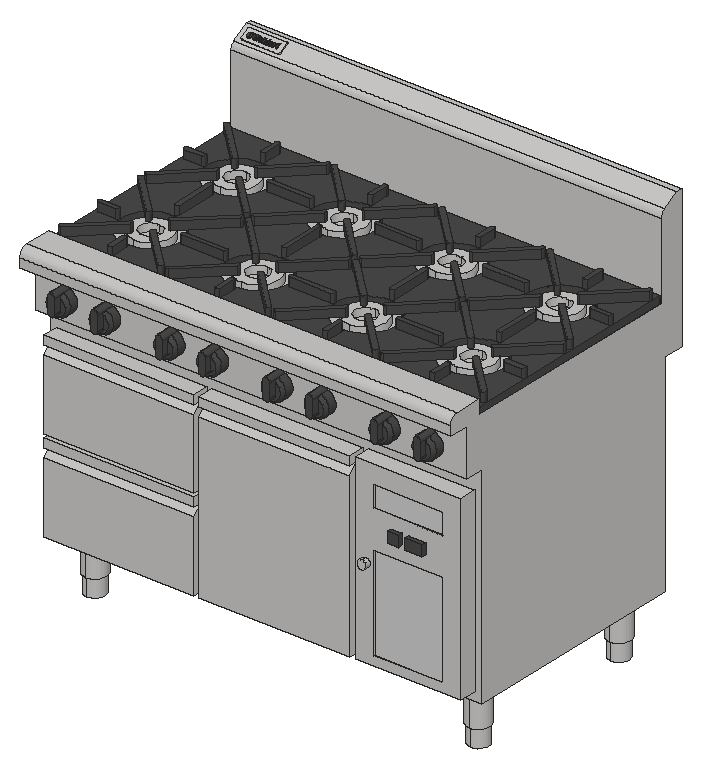
Revit family "QF_MOFFAT WALDORF_RN8800G-RB", category Specialty Equipment, Revit 2012
Parameters
  Weight in Pounds = 436.5148
  Watts = 250 W
  Volts = 240 V
  URL Cutsheet = "www.moffat.com"
  URL = "www.moffat.com"
  Type Mark [instance] = ""
  Status [instance] = ""
  Specification by User [instance] = ""
  Specification by Manufacturer = ""
  Show Logo [instance] = yes
  Show Clearance [instance] = yes
  Show Casters [instance] = no
  Serial Number = ""
  Seismic Rating = ""
  SMACNA No = ""
  Revision Code [instance] = ""
  Refrigerant Type = "R134a"
  Phase = 1
  Omniclass Number and Title = ""
  Number of Poles = 1
  NAFEM Spec ID Number = ""
  Model = "RN8800G-RB"
  Min Ckt Ampacity = 0 A
  Mechanical Remarks [instance] = ""
  Mechanical Connection Type [instance] = ""
  Max Overcurrent Protection = 0 A
  Masterspec = ""
  Manufacturer = "MOFFAT WALDORF"
  Legs [instance] = not(Show Casters)  # yes
  Item Number [instance] = ""
  Installed By [instance] = ""
  Identify Quantity as Lot [instance] = yes
  HP = ""
  Gas Size = 3/4"
  Gas RI Height [instance] = 0.0 mm
  Gas KW [instance] = 62.2
  Gas Input [instance] = 212311.0 Btu/h
  Gas Connection Height = 0.0 mm
  Furnished By [instance] = ""
  Foodservice Equipment Identifier [instance] = yes
  FL Amps = 1.8 A
  Elec Conn RI Height = 0.0 mm
  Elec Conn Connection Height = 0.0 mm
  Description = "COOK TOP GAS ON REFRIGERATED BASE"
  Cycle = 50 Hz
  Conn Plug = ""
  Conn Conduit = yes
  CSI MasterFormat = ""
  CSI Master Format = ""
  Body Height [instance] = 915.0 mm
  Base Height [instance] = 150.0 mm
  Apparent Power = if(Phase = 3, Volts * FL Amps * 1.73, Volts * FL Amps)  # 432 VA
Reference planes
  plane 1 "BACK": y = 0
  plane 2: z = 0
  plane 3 "LEFT": x = 0
  plane 4 "RIGHT": x = 1200
  plane 5 "FRONT": y = -805
  plane 6 "TOP": z = 1130
  plane 7 "Center Y": x = 600
  plane 8 "Center X": y = -402.5
  plane 9 "Base Height": z = 150
  plane 10: x = 1134
  plane 11: x = 65
  plane 12: z = 915
  plane 13: x = 65.8
  plane 14: x = 1181
  plane 15: z = 402
  plane 16: x = 973
  plane 17: y = -625
  plane 18: y = -135
Forms (mm)
  Extrusion 1, solid, material "QF_Finishes_Stainless Steel"
    sketch origin (0, 0, 0) x (0, 1, 0) y (0, 0, 1)
      loop
        line (-805, 891) -> (-805, 866) -> (-749, 866) -> (-749, 735) -> (-697, 735) -> (-697, 150) -> (-57, 150) -> (-57, 735) -> (0, 735) -> (0, 1130) -> (-16.5, 1130) -> (-58.709, 1105.631)
        arc (-58.709, 1105.631) -> (-66.975, 1097.365) -> (-70, 1086.074) r 22.582
        line (-70, 1086.074) -> (-70, 875) -> (-705, 875) -> (-705, 915) -> (-781, 915)
        arc (-781, 915) -> (-797.971, 907.971) -> (-805, 891) r 24
    from 0 to 1200
  Revolve 2, solid, material "QF_Finishes_Black"
    sketch origin (210, 0, 600) x (0, -1, 0) y (0, 0, 1)
      loop
        line (782, 229.605) -> (759, 229.605) -> (759, 202.105) -> (749, 202.105) -> (749, 197.105) -> (793, 197.105) -> (793, 223.757) -> (782, 229.605)
      axis (793, 197.105) -> (749, 197.105)
    angle from 0 to 360
  Extrusion 3, solid, material "QF_Finishes_Black"
    sketch origin (-78.431, 0, 496.003) x (1, 0, 0) y (0, 0, 1)
      loop
        line (298.431, 289) -> (298.431, 327.997)
        arc (298.431, 327.997) -> (288.431, 337.997) -> (278.431, 327.997) r 10
        line (278.431, 327.997) -> (278.431, 289)
        arc (278.431, 289) -> (288.431, 279) -> (298.431, 289) r 10
    from 759 to 808
  Extrusion 4, solid, material "QF_Finishes_Stainless Steel"
    sketch origin (705, 3, 100) x (1, 0, 0) y (0, 1, 0)
      loop
        circle (365, -35) r 13.5
    from 555 to 635
  Revolve 5, solid, material "QF_Finishes_Black"
    sketch origin (89.999, 0, 599.873) x (0, 1, 0) y (0, 0, -1)
      loop
        line (-782, -229.5) -> (-759, -229.5) -> (-759, -202) -> (-749, -202) -> (-749, -197) -> (-793, -197) -> (-793, -223.651) -> (-782, -229.5)
      axis (-793, -197) -> (-749, -197)
    angle from 0 to 360
  Extrusion 6, solid, material "QF_Finishes_Black"
    sketch origin (228.269, 0, 600.031) x (-1, 0, 0) y (0, 0, -1)
      loop
        arc (148.269, -184.969) -> (138.269, -174.969) -> (128.269, -184.969) r 10
        line (128.269, -184.969) -> (128.269, -223.969)
        arc (128.269, -223.969) -> (138.269, -233.969) -> (148.269, -223.969) r 10
        line (148.269, -223.969) -> (148.269, -184.969)
    from 759 to 808
  Extrusion 7, solid, material "QF_Finishes_Black"
    sketch origin (0, -70, 875) x (0, -1, 0) y (1, 0, 0)
      loop
        arc (1, 4) -> (1.879, 1.879) -> (4, 1) r 3
        line (4, 1) -> (631, 1)
        arc (631, 1) -> (633.121, 1.879) -> (634, 4) r 3
        line (634, 4) -> (634, 1196)
        arc (634, 1196) -> (633.121, 1198.121) -> (631, 1199) r 3
        line (631, 1199) -> (4, 1199)
        arc (4, 1199) -> (1.879, 1198.121) -> (1, 1196) r 3
        line (1, 1196) -> (1, 4)
      loop
        circle (167.5, 150) r 84.082
      loop
        circle (467.5, 150) r 84.082
      loop
        circle (467.5, 1050) r 84.082
      loop
        circle (167.5, 1050) r 84.082
      loop
        circle (167.5, 450) r 84.082
      loop
        circle (467.5, 450) r 84.082
      loop
        circle (167.5, 750) r 84.082
      loop
        circle (467.5, 750) r 84.082
    from 0 to 19.5
  Extrusion 8, solid, material "QF_Finishes_Black"
    sketch origin (0, -70, 894.5) x (0, -1, 0) y (1, 0, 0)
      loop
        spline (323.602, 15.153) -> (322.681, 13.924) -> (322.131, 12.47) -> (321.99, 10.89) -> (322.267, 9.292) -> (322.943, 7.786) -> (323.973, 6.473) -> (325.286, 5.443) -> (326.792, 4.767) -> (328.39, 4.49) -> (329.97, 4.631) -> (331.424, 5.181) -> (332.653, 6.102)
        line (332.653, 6.102) -> (440.576, 114.025)
        spline (440.576, 114.025) -> (441.337, 115.095) -> (441.738, 116.399) -> (441.751, 117.851) -> (441.375, 119.35) -> (440.637, 120.795) -> (439.586, 122.086) -> (438.295, 123.137) -> (436.85, 123.875) -> (435.351, 124.251) -> (433.899, 124.238) -> (432.595, 123.837) -> (431.525, 123.076)
        line (431.525, 123.076) -> (323.602, 15.153)
      loop
        spline (259.398, 156.4) -> (258.104, 156.182) -> (256.898, 155.543) -> (255.862, 154.525) -> (255.068, 153.2) -> (254.568, 151.656) -> (254.398, 150) -> (254.568, 148.344) -> (255.068, 146.8) -> (255.862, 145.475) -> (256.898, 144.457) -> (258.104, 143.818) -> (259.398, 143.6)
        line (259.398, 143.6) -> (375.602, 143.6)
        spline (375.602, 143.6) -> (376.896, 143.818) -> (378.102, 144.457) -> (379.138, 145.475) -> (379.932, 146.8) -> (380.432, 148.344) -> (380.602, 150) -> (380.432, 151.656) -> (379.932, 153.2) -> (379.138, 154.525) -> (378.102, 155.543) -> (376.896, 156.182) -> (375.602, 156.4)
        line (375.602, 156.4) -> (259.398, 156.4)
      loop
        spline (608.602, 143.6) -> (609.896, 143.818) -> (611.102, 144.457) -> (612.138, 145.475) -> (612.932, 146.8) -> (613.432, 148.344) -> (613.602, 150) -> (613.432, 151.656) -> (612.932, 153.2) -> (612.138, 154.525) -> (611.102, 155.543) -> (609.896, 156.182) -> (608.602, 156.4)
        line (608.602, 156.4) -> (559.398, 156.4)
        spline (559.398, 156.4) -> (558.104, 156.182) -> (556.898, 155.543) -> (555.862, 154.525) -> (555.068, 153.2) -> (554.568, 151.656) -> (554.398, 150) -> (554.568, 148.344) -> (555.068, 146.8) -> (555.862, 145.475) -> (556.898, 144.457) -> (558.104, 143.818) -> (559.398, 143.6)
        line (559.398, 143.6) -> (608.602, 143.6)
      loop
        line (611.398, 15.153) -> (503.475, 123.076)
        spline (503.475, 123.076) -> (502.405, 123.837) -> (501.101, 124.238) -> (499.649, 124.251) -> (498.15, 123.875) -> (496.705, 123.137) -> (495.414, 122.086) -> (494.363, 120.795) -> (493.625, 119.35) -> (493.249, 117.851) -> (493.262, 116.399) -> (493.663, 115.095) -> (494.424, 114.025)
        line (494.424, 114.025) -> (602.347, 6.102)
        spline (602.347, 6.102) -> (603.416, 5.341) -> (604.721, 4.941) -> (606.172, 4.928) -> (607.671, 5.303) -> (609.116, 6.041) -> (610.408, 7.092) -> (611.459, 8.384) -> (612.197, 9.829) -> (612.572, 11.328) -> (612.559, 12.779) -> (612.159, 14.084) -> (611.398, 15.153)
      loop
        line (473.9, 8.898) -> (473.9, 58.102)
        spline (473.9, 58.102) -> (473.682, 59.396) -> (473.043, 60.602) -> (472.025, 61.638) -> (470.7, 62.432) -> (469.156, 62.932) -> (467.5, 63.102) -> (465.844, 62.932) -> (464.3, 62.432) -> (462.975, 61.638) -> (461.957, 60.602) -> (461.318, 59.396) -> (461.1, 58.102)
        line (461.1, 58.102) -> (461.1, 8.898)
        spline (461.1, 8.898) -> (461.318, 7.604) -> (461.957, 6.398) -> (462.975, 5.362) -> (464.3, 4.568) -> (465.844, 4.068) -> (467.5, 3.898) -> (469.156, 4.068) -> (470.7, 4.568) -> (472.025, 5.362) -> (473.043, 6.398) -> (473.682, 7.604) -> (473.9, 8.898)
      loop
        spline (23.602, 15.153) -> (22.681, 13.924) -> (22.131, 12.47) -> (21.99, 10.89) -> (22.267, 9.292) -> (22.943, 7.786) -> (23.973, 6.473) -> (25.286, 5.443) -> (26.792, 4.767) -> (28.39, 4.49) -> (29.97, 4.631) -> (31.424, 5.181) -> (32.653, 6.102)
        line (32.653, 6.102) -> (140.576, 114.025)
        spline (140.576, 114.025) -> (141.337, 115.095) -> (141.738, 116.399) -> (141.751, 117.851) -> (141.375, 119.35) -> (140.637, 120.795) -> (139.586, 122.086) -> (138.295, 123.137) -> (136.85, 123.875) -> (135.351, 124.251) -> (133.899, 124.238) -> (132.595, 123.837) -> (131.525, 123.076)
        line (131.525, 123.076) -> (23.602, 15.153)
      loop
        spline (26.398, 156.4) -> (25.104, 156.182) -> (23.898, 155.543) -> (22.862, 154.525) -> (22.068, 153.2) -> (21.568, 151.656) -> (21.398, 150) -> (21.568, 148.344) -> (22.068, 146.8) -> (22.862, 145.475) -> (23.898, 144.457) -> (25.104, 143.818) -> (26.398, 143.6)
        line (26.398, 143.6) -> (75.602, 143.6)
        spline (75.602, 143.6) -> (76.896, 143.818) -> (78.102, 144.457) -> (79.138, 145.475) -> (79.932, 146.8) -> (80.432, 148.344) -> (80.602, 150) -> (80.432, 151.656) -> (79.932, 153.2) -> (79.138, 154.525) -> (78.102, 155.543) -> (76.896, 156.182) -> (75.602, 156.4)
        line (75.602, 156.4) -> (26.398, 156.4)
      loop
        line (311.398, 15.153) -> (203.475, 123.076)
        spline (203.475, 123.076) -> (202.405, 123.837) -> (201.101, 124.238) -> (199.649, 124.251) -> (198.15, 123.875) -> (196.705, 123.137) -> (195.414, 122.086) -> (194.363, 120.795) -> (193.625, 119.35) -> (193.249, 117.851) -> (193.262, 116.399) -> (193.663, 115.095) -> (194.424, 114.025)
        line (194.424, 114.025) -> (302.347, 6.102)
        spline (302.347, 6.102) -> (303.416, 5.341) -> (304.721, 4.941) -> (306.172, 4.928) -> (307.671, 5.303) -> (309.116, 6.041) -> (310.408, 7.092) -> (311.459, 8.384) -> (312.197, 9.829) -> (312.572, 11.328) -> (312.559, 12.779) -> (312.159, 14.084) -> (311.398, 15.153)
      loop
        line (173.9, 8.898) -> (173.9, 58.102)
        spline (173.9, 58.102) -> (173.682, 59.396) -> (173.043, 60.602) -> (172.025, 61.638) -> (170.7, 62.432) -> (169.156, 62.932) -> (167.5, 63.102) -> (165.844, 62.932) -> (164.3, 62.432) -> (162.975, 61.638) -> (161.957, 60.602) -> (161.318, 59.396) -> (161.1, 58.102)
        line (161.1, 58.102) -> (161.1, 8.898)
        spline (161.1, 8.898) -> (161.318, 7.604) -> (161.957, 6.398) -> (162.975, 5.362) -> (164.3, 4.568) -> (165.844, 4.068) -> (167.5, 3.898) -> (169.156, 4.068) -> (170.7, 4.568) -> (172.025, 5.362) -> (173.043, 6.398) -> (173.682, 7.604) -> (173.9, 8.898)
      loop
        line (323.602, 284.847) -> (431.525, 176.924)
        spline (431.525, 176.924) -> (432.595, 176.163) -> (433.899, 175.762) -> (435.351, 175.749) -> (436.85, 176.125) -> (438.295, 176.863) -> (439.586, 177.914) -> (440.637, 179.205) -> (441.375, 180.65) -> (441.751, 182.149) -> (441.738, 183.601) -> (441.337, 184.905) -> (440.576, 185.975)
        line (440.576, 185.975) -> (332.653, 293.898)
        spline (332.653, 293.898) -> (331.424, 294.819) -> (329.97, 295.369) -> (328.39, 295.51) -> (326.792, 295.233) -> (325.286, 294.557) -> (323.973, 293.527) -> (322.943, 292.214) -> (322.267, 290.708) -> (321.99, 289.11) -> (322.131, 287.53) -> (322.681, 286.076) -> (323.602, 284.847)
      loop
        spline (611.398, 284.847) -> (612.159, 285.916) -> (612.559, 287.221) -> (612.572, 288.672) -> (612.197, 290.171) -> (611.459, 291.616) -> (610.408, 292.908) -> (609.116, 293.959) -> (607.671, 294.697) -> (606.172, 295.072) -> (604.721, 295.059) -> (603.416, 294.659) -> (602.347, 293.898)
        line (602.347, 293.898) -> (494.424, 185.975)
        spline (494.424, 185.975) -> (493.663, 184.905) -> (493.262, 183.601) -> (493.249, 182.149) -> (493.625, 180.65) -> (494.363, 179.205) -> (495.414, 177.914) -> (496.705, 176.863) -> (498.15, 176.125) -> (499.649, 175.749) -> (501.101, 175.762) -> (502.405, 176.163) -> (503.475, 176.924)
        line (503.475, 176.924) -> (611.398, 284.847)
      loop
        spline (461.1, 241.898) -> (461.318, 240.604) -> (461.957, 239.398) -> (462.975, 238.362) -> (464.3, 237.568) -> (465.844, 237.068) -> (467.5, 236.898) -> (469.156, 237.068) -> (470.7, 237.568) -> (472.025, 238.362) -> (473.043, 239.398) -> (473.682, 240.604) -> (473.9, 241.898)
        line (473.9, 241.898) -> (473.9, 358.102)
        spline (473.9, 358.102) -> (473.682, 359.396) -> (473.043, 360.602) -> (472.025, 361.638) -> (470.7, 362.432) -> (469.156, 362.932) -> (467.5, 363.102) -> (465.844, 362.932) -> (464.3, 362.432) -> (462.975, 361.638) -> (461.957, 360.602) -> (461.318, 359.396) -> (461.1, 358.102)
        line (461.1, 358.102) -> (461.1, 241.898)
      loop
        line (23.602, 284.847) -> (131.525, 176.924)
        spline (131.525, 176.924) -> (132.595, 176.163) -> (133.899, 175.762) -> (135.351, 175.749) -> (136.85, 176.125) -> (138.295, 176.863) -> (139.586, 177.914) -> (140.637, 179.205) -> (141.375, 180.65) -> (141.751, 182.149) -> (141.738, 183.601) -> (141.337, 184.905) -> (140.576, 185.975)
        line (140.576, 185.975) -> (32.653, 293.898)
        spline (32.653, 293.898) -> (31.424, 294.819) -> (29.97, 295.369) -> (28.39, 295.51) -> (26.792, 295.233) -> (25.286, 294.557) -> (23.973, 293.527) -> (22.943, 292.214) -> (22.267, 290.708) -> (21.99, 289.11) -> (22.131, 287.53) -> (22.681, 286.076) -> (23.602, 284.847)
      loop
        spline (311.398, 284.847) -> (312.159, 285.916) -> (312.559, 287.221) -> (312.572, 288.672) -> (312.197, 290.171) -> (311.459, 291.616) -> (310.408, 292.908) -> (309.116, 293.959) -> (307.671, 294.697) -> (306.172, 295.072) -> (304.721, 295.059) -> (303.416, 294.659) -> (302.347, 293.898)
        line (302.347, 293.898) -> (194.424, 185.975)
        spline (194.424, 185.975) -> (193.663, 184.905) -> (193.262, 183.601) -> (193.249, 182.149) -> (193.625, 180.65) -> (194.363, 179.205) -> (195.414, 177.914) -> (196.705, 176.863) -> (198.15, 176.125) -> (199.649, 175.749) -> (201.101, 175.762) -> (202.405, 176.163) -> (203.475, 176.924)
        line (203.475, 176.924) -> (311.398, 284.847)
      loop
        spline (173.9, 358.102) -> (173.682, 359.396) -> (173.043, 360.602) -> (172.025, 361.638) -> (170.7, 362.432) -> (169.156, 362.932) -> (167.5, 363.102) -> (165.844, 362.932) -> (164.3, 362.432) -> (162.975, 361.638) -> (161.957, 360.602) -> (161.318, 359.396) -> (161.1, 358.102)
        line (161.1, 358.102) -> (161.1, 241.898)
        spline (161.1, 241.898) -> (161.318, 240.604) -> (161.957, 239.398) -> (162.975, 238.362) -> (164.3, 237.568) -> (165.844, 237.068) -> (167.5, 236.898) -> (169.156, 237.068) -> (170.7, 237.568) -> (172.025, 238.362) -> (173.043, 239.398) -> (173.682, 240.604) -> (173.9, 241.898)
        line (173.9, 241.898) -> (173.9, 358.102)
      loop
        spline (323.602, 315.153) -> (322.681, 313.924) -> (322.131, 312.47) -> (321.99, 310.89) -> (322.267, 309.292) -> (322.943, 307.786) -> (323.973, 306.473) -> (325.286, 305.443) -> (326.792, 304.767) -> (328.39, 304.49) -> (329.97, 304.631) -> (331.424, 305.181) -> (332.653, 306.102)
        line (332.653, 306.102) -> (440.576, 414.025)
        spline (440.576, 414.025) -> (441.337, 415.095) -> (441.738, 416.399) -> (441.751, 417.851) -> (441.375, 419.35) -> (440.637, 420.795) -> (439.586, 422.086) -> (438.295, 423.137) -> (436.85, 423.875) -> (435.351, 424.251) -> (433.899, 424.238) -> (432.595, 423.837) -> (431.525, 423.076)
        line (431.525, 423.076) -> (323.602, 315.153)
      loop
        spline (259.398, 456.4) -> (258.104, 456.182) -> (256.898, 455.543) -> (255.862, 454.525) -> (255.068, 453.2) -> (254.568, 451.656) -> (254.398, 450) -> (254.568, 448.344) -> (255.068, 446.8) -> (255.862, 445.475) -> (256.898, 444.457) -> (258.104, 443.818) -> (259.398, 443.6)
        line (259.398, 443.6) -> (375.602, 443.6)
        spline (375.602, 443.6) -> (376.896, 443.818) -> (378.102, 444.457) -> (379.138, 445.475) -> (379.932, 446.8) -> (380.432, 448.344) -> (380.602, 450) -> (380.432, 451.656) -> (379.932, 453.2) -> (379.138, 454.525) -> (378.102, 455.543) -> (376.896, 456.182) -> (375.602, 456.4)
        line (375.602, 456.4) -> (259.398, 456.4)
      loop
        spline (608.602, 443.6) -> (609.896, 443.818) -> (611.102, 444.457) -> (612.138, 445.475) -> (612.932, 446.8) -> (613.432, 448.344) -> (613.602, 450) -> (613.432, 451.656) -> (612.932, 453.2) -> (612.138, 454.525) -> (611.102, 455.543) -> (609.896, 456.182) -> (608.602, 456.4)
        line (608.602, 456.4) -> (559.398, 456.4)
        spline (559.398, 456.4) -> (558.104, 456.182) -> (556.898, 455.543) -> (555.862, 454.525) -> (555.068, 453.2) -> (554.568, 451.656) -> (554.398, 450) -> (554.568, 448.344) -> (555.068, 446.8) -> (555.862, 445.475) -> (556.898, 444.457) -> (558.104, 443.818) -> (559.398, 443.6)
        line (559.398, 443.6) -> (608.602, 443.6)
      loop
        line (611.398, 315.153) -> (503.475, 423.076)
        spline (503.475, 423.076) -> (502.405, 423.837) -> (501.101, 424.238) -> (499.649, 424.251) -> (498.15, 423.875) -> (496.705, 423.137) -> (495.414, 422.086) -> (494.363, 420.795) -> (493.625, 419.35) -> (493.249, 417.851) -> (493.262, 416.399) -> (493.663, 415.095) -> (494.424, 414.025)
        line (494.424, 414.025) -> (602.347, 306.102)
        spline (602.347, 306.102) -> (603.416, 305.341) -> (604.721, 304.941) -> (606.172, 304.928) -> (607.671, 305.303) -> (609.116, 306.041) -> (610.408, 307.092) -> (611.459, 308.384) -> (612.197, 309.829) -> (612.572, 311.328) -> (612.559, 312.779) -> (612.159, 314.084) -> (611.398, 315.153)
      loop
        spline (23.602, 315.153) -> (22.681, 313.924) -> (22.131, 312.47) -> (21.99, 310.89) -> (22.267, 309.292) -> (22.943, 307.786) -> (23.973, 306.473) -> (25.286, 305.443) -> (26.792, 304.767) -> (28.39, 304.49) -> (29.97, 304.631) -> (31.424, 305.181) -> (32.653, 306.102)
        line (32.653, 306.102) -> (140.576, 414.025)
        spline (140.576, 414.025) -> (141.337, 415.095) -> (141.738, 416.399) -> (141.751, 417.851) -> (141.375, 419.35) -> (140.637, 420.795) -> (139.586, 422.086) -> (138.295, 423.137) -> (136.85, 423.875) -> (135.351, 424.251) -> (133.899, 424.238) -> (132.595, 423.837) -> (131.525, 423.076)
        line (131.525, 423.076) -> (23.602, 315.153)
      loop
        spline (26.398, 456.4) -> (25.104, 456.182) -> (23.898, 455.543) -> (22.862, 454.525) -> (22.068, 453.2) -> (21.568, 451.656) -> (21.398, 450) -> (21.568, 448.344) -> (22.068, 446.8) -> (22.862, 445.475) -> (23.898, 444.457) -> (25.104, 443.818) -> (26.398, 443.6)
        line (26.398, 443.6) -> (75.602, 443.6)
        spline (75.602, 443.6) -> (76.896, 443.818) -> (78.102, 444.457) -> (79.138, 445.475) -> (79.932, 446.8) -> (80.432, 448.344) -> (80.602, 450) -> (80.432, 451.656) -> (79.932, 453.2) -> (79.138, 454.525) -> (78.102, 455.543) -> (76.896, 456.182) -> (75.602, 456.4)
        line (75.602, 456.4) -> (26.398, 456.4)
      loop
        line (311.398, 315.153) -> (203.475, 423.076)
        spline (203.475, 423.076) -> (202.405, 423.837) -> (201.101, 424.238) -> (199.649, 424.251) -> (198.15, 423.875) -> (196.705, 423.137) -> (195.414, 422.086) -> (194.363, 420.795) -> (193.625, 419.35) -> (193.249, 417.851) -> (193.262, 416.399) -> (193.663, 415.095) -> (194.424, 414.025)
        line (194.424, 414.025) -> (302.347, 306.102)
        spline (302.347, 306.102) -> (303.416, 305.341) -> (304.721, 304.941) -> (306.172, 304.928) -> (307.671, 305.303) -> (309.116, 306.041) -> (310.408, 307.092) -> (311.459, 308.384) -> (312.197, 309.829) -> (312.572, 311.328) -> (312.559, 312.779) -> (312.159, 314.084) -> (311.398, 315.153)
      loop
        line (323.602, 584.847) -> (431.525, 476.924)
        spline (431.525, 476.924) -> (432.595, 476.163) -> (433.899, 475.762) -> (435.351, 475.749) -> (436.85, 476.125) -> (438.295, 476.863) -> (439.586, 477.914) -> (440.637, 479.205) -> (441.375, 480.65) -> (441.751, 482.149) -> (441.738, 483.601) -> (441.337, 484.905) -> (440.576, 485.975)
        line (440.576, 485.975) -> (332.653, 593.898)
        spline (332.653, 593.898) -> (331.424, 594.819) -> (329.97, 595.369) -> (328.39, 595.51) -> (326.792, 595.233) -> (325.286, 594.557) -> (323.973, 593.527) -> (322.943, 592.214) -> (322.267, 590.708) -> (321.99, 589.11) -> (322.131, 587.53) -> (322.681, 586.076) -> (323.602, 584.847)
      loop
        spline (611.398, 584.847) -> (612.159, 585.916) -> (612.559, 587.221) -> (612.572, 588.672) -> (612.197, 590.171) -> (611.459, 591.616) -> (610.408, 592.908) -> (609.116, 593.959) -> (607.671, 594.697) -> (606.172, 595.072) -> (604.721, 595.059) -> (603.416, 594.659) -> (602.347, 593.898)
        line (602.347, 593.898) -> (494.424, 485.975)
        spline (494.424, 485.975) -> (493.663, 484.905) -> (493.262, 483.601) -> (493.249, 482.149) -> (493.625, 480.65) -> (494.363, 479.205) -> (495.414, 477.914) -> (496.705, 476.863) -> (498.15, 476.125) -> (499.649, 475.749) -> (501.101, 475.762) -> (502.405, 476.163) -> (503.475, 476.924)
        line (503.475, 476.924) -> (611.398, 584.847)
      loop
        spline (473.9, 658.102) -> (473.682, 659.396) -> (473.043, 660.602) -> (472.025, 661.638) -> (470.7, 662.432) -> (469.156, 662.932) -> (467.5, 663.102) -> (465.844, 662.932) -> (464.3, 662.432) -> (462.975, 661.638) -> (461.957, 660.602) -> (461.318, 659.396) -> (461.1, 658.102)
        line (461.1, 658.102) -> (461.1, 541.898)
        spline (461.1, 541.898) -> (461.318, 540.604) -> (461.957, 539.398) -> (462.975, 538.362) -> (464.3, 537.568) -> (465.844, 537.068) -> (467.5, 536.898) -> (469.156, 537.068) -> (470.7, 537.568) -> (472.025, 538.362) -> (473.043, 539.398) -> (473.682, 540.604) -> (473.9, 541.898)
        line (473.9, 541.898) -> (473.9, 658.102)
      loop
        line (23.602, 584.847) -> (131.525, 476.924)
        spline (131.525, 476.924) -> (132.595, 476.163) -> (133.899, 475.762) -> (135.351, 475.749) -> (136.85, 476.125) -> (138.295, 476.863) -> (139.586, 477.914) -> (140.637, 479.205) -> (141.375, 480.65) -> (141.751, 482.149) -> (141.738, 483.601) -> (141.337, 484.905) -> (140.576, 485.975)
        line (140.576, 485.975) -> (32.653, 593.898)
        spline (32.653, 593.898) -> (31.424, 594.819) -> (29.97, 595.369) -> (28.39, 595.51) -> (26.792, 595.233) -> (25.286, 594.557) -> (23.973, 593.527) -> (22.943, 592.214) -> (22.267, 590.708) -> (21.99, 589.11) -> (22.131, 587.53) -> (22.681, 586.076) -> (23.602, 584.847)
      loop
        spline (311.398, 584.847) -> (312.159, 585.916) -> (312.559, 587.221) -> (312.572, 588.672) -> (312.197, 590.171) -> (311.459, 591.616) -> (310.408, 592.908) -> (309.116, 593.959) -> (307.671, 594.697) -> (306.172, 595.072) -> (304.721, 595.059) -> (303.416, 594.659) -> (302.347, 593.898)
        line (302.347, 593.898) -> (194.424, 485.975)
        spline (194.424, 485.975) -> (193.663, 484.905) -> (193.262, 483.601) -> (193.249, 482.149) -> (193.625, 480.65) -> (194.363, 479.205) -> (195.414, 477.914) -> (196.705, 476.863) -> (198.15, 476.125) -> (199.649, 475.749) -> (201.101, 475.762) -> (202.405, 476.163) -> (203.475, 476.924)
        line (203.475, 476.924) -> (311.398, 584.847)
      loop
        spline (173.9, 658.102) -> (173.682, 659.396) -> (173.043, 660.602) -> (172.025, 661.638) -> (170.7, 662.432) -> (169.156, 662.932) -> (167.5, 663.102) -> (165.844, 662.932) -> (164.3, 662.432) -> (162.975, 661.638) -> (161.957, 660.602) -> (161.318, 659.396) -> (161.1, 658.102)
        line (161.1, 658.102) -> (161.1, 541.898)
        spline (161.1, 541.898) -> (161.318, 540.604) -> (161.957, 539.398) -> (162.975, 538.362) -> (164.3, 537.568) -> (165.844, 537.068) -> (167.5, 536.898) -> (169.156, 537.068) -> (170.7, 537.568) -> (172.025, 538.362) -> (173.043, 539.398) -> (173.682, 540.604) -> (173.9, 541.898)
        line (173.9, 541.898) -> (173.9, 658.102)
      loop
        line (323.602, 1184.847) -> (431.525, 1076.924)
        spline (431.525, 1076.924) -> (432.595, 1076.163) -> (433.899, 1075.762) -> (435.351, 1075.749) -> (436.85, 1076.125) -> (438.295, 1076.863) -> (439.586, 1077.914) -> (440.637, 1079.205) -> (441.375, 1080.65) -> (441.751, 1082.149) -> (441.738, 1083.601) -> (441.337, 1084.905) -> (440.576, 1085.975)
        line (440.576, 1085.975) -> (332.653, 1193.898)
        spline (332.653, 1193.898) -> (331.424, 1194.819) -> (329.97, 1195.369) -> (328.39, 1195.51) -> (326.792, 1195.233) -> (325.286, 1194.557) -> (323.973, 1193.527) -> (322.943, 1192.214) -> (322.267, 1190.708) -> (321.99, 1189.11) -> (322.131, 1187.53) -> (322.681, 1186.076) -> (323.602, 1184.847)
      loop
        line (259.398, 1043.6) -> (375.602, 1043.6)
        spline (375.602, 1043.6) -> (376.896, 1043.818) -> (378.102, 1044.457) -> (379.138, 1045.475) -> (379.932, 1046.8) -> (380.432, 1048.344) -> (380.602, 1050) -> (380.432, 1051.656) -> (379.932, 1053.2) -> (379.138, 1054.525) -> (378.102, 1055.543) -> (376.896, 1056.182) -> (375.602, 1056.4)
        line (375.602, 1056.4) -> (259.398, 1056.4)
        spline (259.398, 1056.4) -> (258.104, 1056.182) -> (256.898, 1055.543) -> (255.862, 1054.525) -> (255.068, 1053.2) -> (254.568, 1051.656) -> (254.398, 1050) -> (254.568, 1048.344) -> (255.068, 1046.8) -> (255.862, 1045.475) -> (256.898, 1044.457) -> (258.104, 1043.818) -> (259.398, 1043.6)
      loop
        line (608.602, 1056.4) -> (559.398, 1056.4)
        spline (559.398, 1056.4) -> (558.104, 1056.182) -> (556.898, 1055.543) -> (555.862, 1054.525) -> (555.068, 1053.2) -> (554.568, 1051.656) -> (554.398, 1050) -> (554.568, 1048.344) -> (555.068, 1046.8) -> (555.862, 1045.475) -> (556.898, 1044.457) -> (558.104, 1043.818) -> (559.398, 1043.6)
        line (559.398, 1043.6) -> (608.602, 1043.6)
        spline (608.602, 1043.6) -> (609.896, 1043.818) -> (611.102, 1044.457) -> (612.138, 1045.475) -> (612.932, 1046.8) -> (613.432, 1048.344) -> (613.602, 1050) -> (613.432, 1051.656) -> (612.932, 1053.2) -> (612.138, 1054.525) -> (611.102, 1055.543) -> (609.896, 1056.182) -> (608.602, 1056.4)
      loop
        spline (611.398, 1184.847) -> (612.159, 1185.916) -> (612.559, 1187.221) -> (612.572, 1188.672) -> (612.197, 1190.171) -> (611.459, 1191.616) -> (610.408, 1192.908) -> (609.116, 1193.959) -> (607.671, 1194.697) -> (606.172, 1195.072) -> (604.721, 1195.059) -> (603.416, 1194.659) -> (602.347, 1193.898)
        line (602.347, 1193.898) -> (494.424, 1085.975)
        spline (494.424, 1085.975) -> (493.663, 1084.905) -> (493.262, 1083.601) -> (493.249, 1082.149) -> (493.625, 1080.65) -> (494.363, 1079.205) -> (495.414, 1077.914) -> (496.705, 1076.863) -> (498.15, 1076.125) -> (499.649, 1075.749) -> (501.101, 1075.762) -> (502.405, 1076.163) -> (503.475, 1076.924)
        line (503.475, 1076.924) -> (611.398, 1184.847)
      loop
        spline (473.9, 1191.102) -> (473.682, 1192.396) -> (473.043, 1193.602) -> (472.025, 1194.638) -> (470.7, 1195.432) -> (469.156, 1195.932) -> (467.5, 1196.102) -> (465.844, 1195.932) -> (464.3, 1195.432) -> (462.975, 1194.638) -> (461.957, 1193.602) -> (461.318, 1192.396) -> (461.1, 1191.102)
        line (461.1, 1191.102) -> (461.1, 1141.898)
        spline (461.1, 1141.898) -> (461.318, 1140.604) -> (461.957, 1139.398) -> (462.975, 1138.362) -> (464.3, 1137.568) -> (465.844, 1137.068) -> (467.5, 1136.898) -> (469.156, 1137.068) -> (470.7, 1137.568) -> (472.025, 1138.362) -> (473.043, 1139.398) -> (473.682, 1140.604) -> (473.9, 1141.898)
        line (473.9, 1141.898) -> (473.9, 1191.102)
      loop
        line (23.602, 1184.847) -> (131.525, 1076.924)
        spline (131.525, 1076.924) -> (132.595, 1076.163) -> (133.899, 1075.762) -> (135.351, 1075.749) -> (136.85, 1076.125) -> (138.295, 1076.863) -> (139.586, 1077.914) -> (140.637, 1079.205) -> (141.375, 1080.65) -> (141.751, 1082.149) -> (141.738, 1083.601) -> (141.337, 1084.905) -> (140.576, 1085.975)
        line (140.576, 1085.975) -> (32.653, 1193.898)
        spline (32.653, 1193.898) -> (31.424, 1194.819) -> (29.97, 1195.369) -> (28.39, 1195.51) -> (26.792, 1195.233) -> (25.286, 1194.557) -> (23.973, 1193.527) -> (22.943, 1192.214) -> (22.267, 1190.708) -> (21.99, 1189.11) -> (22.131, 1187.53) -> (22.681, 1186.076) -> (23.602, 1184.847)
      loop
        line (26.398, 1043.6) -> (75.602, 1043.6)
        spline (75.602, 1043.6) -> (76.896, 1043.818) -> (78.102, 1044.457) -> (79.138, 1045.475) -> (79.932, 1046.8) -> (80.432, 1048.344) -> (80.602, 1050) -> (80.432, 1051.656) -> (79.932, 1053.2) -> (79.138, 1054.525) -> (78.102, 1055.543) -> (76.896, 1056.182) -> (75.602, 1056.4)
        line (75.602, 1056.4) -> (26.398, 1056.4)
        spline (26.398, 1056.4) -> (25.104, 1056.182) -> (23.898, 1055.543) -> (22.862, 1054.525) -> (22.068, 1053.2) -> (21.568, 1051.656) -> (21.398, 1050) -> (21.568, 1048.344) -> (22.068, 1046.8) -> (22.862, 1045.475) -> (23.898, 1044.457) -> (25.104, 1043.818) -> (26.398, 1043.6)
      loop
        spline (311.398, 1184.847) -> (312.159, 1185.916) -> (312.559, 1187.221) -> (312.572, 1188.672) -> (312.197, 1190.171) -> (311.459, 1191.616) -> (310.408, 1192.908) -> (309.116, 1193.959) -> (307.671, 1194.697) -> (306.172, 1195.072) -> (304.721, 1195.059) -> (303.416, 1194.659) -> (302.347, 1193.898)
        line (302.347, 1193.898) -> (194.424, 1085.975)
        spline (194.424, 1085.975) -> (193.663, 1084.905) -> (193.262, 1083.601) -> (193.249, 1082.149) -> (193.625, 1080.65) -> (194.363, 1079.205) -> (195.414, 1077.914) -> (196.705, 1076.863) -> (198.15, 1076.125) -> (199.649, 1075.749) -> (201.101, 1075.762) -> (202.405, 1076.163) -> (203.475, 1076.924)
        line (203.475, 1076.924) -> (311.398, 1184.847)
      loop
        spline (173.9, 1191.102) -> (173.682, 1192.396) -> (173.043, 1193.602) -> (172.025, 1194.638) -> (170.7, 1195.432) -> (169.156, 1195.932) -> (167.5, 1196.102) -> (165.844, 1195.932) -> (164.3, 1195.432) -> (162.975, 1194.638) -> (161.957, 1193.602) -> (161.318, 1192.396) -> (161.1, 1191.102)
        line (161.1, 1191.102) -> (161.1, 1141.898)
        spline (161.1, 1141.898) -> (161.318, 1140.604) -> (161.957, 1139.398) -> (162.975, 1138.362) -> (164.3, 1137.568) -> (165.844, 1137.068) -> (167.5, 1136.898) -> (169.156, 1137.068) -> (170.7, 1137.568) -> (172.025, 1138.362) -> (173.043, 1139.398) -> (173.682, 1140.604) -> (173.9, 1141.898)
        line (173.9, 1141.898) -> (173.9, 1191.102)
      loop
        spline (323.602, 915.153) -> (322.681, 913.924) -> (322.131, 912.47) -> (321.99, 910.89) -> (322.267, 909.292) -> (322.943, 907.786) -> (323.973, 906.473) -> (325.286, 905.443) -> (326.792, 904.767) -> (328.39, 904.49) -> (329.97, 904.631) -> (331.424, 905.181) -> (332.653, 906.102)
        line (332.653, 906.102) -> (440.576, 1014.025)
        spline (440.576, 1014.025) -> (441.337, 1015.095) -> (441.738, 1016.399) -> (441.751, 1017.851) -> (441.375, 1019.35) -> (440.637, 1020.795) -> (439.586, 1022.086) -> (438.295, 1023.137) -> (436.85, 1023.875) -> (435.351, 1024.251) -> (433.899, 1024.238) -> (432.595, 1023.837) -> (431.525, 1023.076)
        line (431.525, 1023.076) -> (323.602, 915.153)
      loop
        line (611.398, 915.153) -> (503.475, 1023.076)
        spline (503.475, 1023.076) -> (502.405, 1023.837) -> (501.101, 1024.238) -> (499.649, 1024.251) -> (498.15, 1023.875) -> (496.705, 1023.137) -> (495.414, 1022.086) -> (494.363, 1020.795) -> (493.625, 1019.35) -> (493.249, 1017.851) -> (493.262, 1016.399) -> (493.663, 1015.095) -> (494.424, 1014.025)
        line (494.424, 1014.025) -> (602.347, 906.102)
        spline (602.347, 906.102) -> (603.416, 905.341) -> (604.721, 904.941) -> (606.172, 904.928) -> (607.671, 905.303) -> (609.116, 906.041) -> (610.408, 907.092) -> (611.459, 908.384) -> (612.197, 909.829) -> (612.572, 911.328) -> (612.559, 912.779) -> (612.159, 914.084) -> (611.398, 915.153)
      loop
        line (461.1, 958.102) -> (461.1, 841.898)
        spline (461.1, 841.898) -> (461.318, 840.604) -> (461.957, 839.398) -> (462.975, 838.362) -> (464.3, 837.568) -> (465.844, 837.068) -> (467.5, 836.898) -> (469.156, 837.068) -> (470.7, 837.568) -> (472.025, 838.362) -> (473.043, 839.398) -> (473.682, 840.604) -> (473.9, 841.898)
        line (473.9, 841.898) -> (473.9, 958.102)
        spline (473.9, 958.102) -> (473.682, 959.396) -> (473.043, 960.602) -> (472.025, 961.638) -> (470.7, 962.432) -> (469.156, 962.932) -> (467.5, 963.102) -> (465.844, 962.932) -> (464.3, 962.432) -> (462.975, 961.638) -> (461.957, 960.602) -> (461.318, 959.396) -> (461.1, 958.102)
      loop
        spline (23.602, 915.153) -> (22.681, 913.924) -> (22.131, 912.47) -> (21.99, 910.89) -> (22.267, 909.292) -> (22.943, 907.786) -> (23.973, 906.473) -> (25.286, 905.443) -> (26.792, 904.767) -> (28.39, 904.49) -> (29.97, 904.631) -> (31.424, 905.181) -> (32.653, 906.102)
        line (32.653, 906.102) -> (140.576, 1014.025)
        spline (140.576, 1014.025) -> (141.337, 1015.095) -> (141.738, 1016.399) -> (141.751, 1017.851) -> (141.375, 1019.35) -> (140.637, 1020.795) -> (139.586, 1022.086) -> (138.295, 1023.137) -> (136.85, 1023.875) -> (135.351, 1024.251) -> (133.899, 1024.238) -> (132.595, 1023.837) -> (131.525, 1023.076)
        line (131.525, 1023.076) -> (23.602, 915.153)
      loop
        line (311.398, 915.153) -> (203.475, 1023.076)
        spline (203.475, 1023.076) -> (202.405, 1023.837) -> (201.101, 1024.238) -> (199.649, 1024.251) -> (198.15, 1023.875) -> (196.705, 1023.137) -> (195.414, 1022.086) -> (194.363, 1020.795) -> (193.625, 1019.35) -> (193.249, 1017.851) -> (193.262, 1016.399) -> (193.663, 1015.095) -> (194.424, 1014.025)
        line (194.424, 1014.025) -> (302.347, 906.102)
        spline (302.347, 906.102) -> (303.416, 905.341) -> (304.721, 904.941) -> (306.172, 904.928) -> (307.671, 905.303) -> (309.116, 906.041) -> (310.408, 907.092) -> (311.459, 908.384) -> (312.197, 909.829) -> (312.572, 911.328) -> (312.559, 912.779) -> (312.159, 914.084) -> (311.398, 915.153)
      loop
        line (173.9, 841.898) -> (173.9, 958.102)
        spline (173.9, 958.102) -> (173.682, 959.396) -> (173.043, 960.602) -> (172.025, 961.638) -> (170.7, 962.432) -> (169.156, 962.932) -> (167.5, 963.102) -> (165.844, 962.932) -> (164.3, 962.432) -> (162.975, 961.638) -> (161.957, 960.602) -> (161.318, 959.396) -> (161.1, 958.102)
        line (161.1, 958.102) -> (161.1, 841.898)
        spline (161.1, 841.898) -> (161.318, 840.604) -> (161.957, 839.398) -> (162.975, 838.362) -> (164.3, 837.568) -> (165.844, 837.068) -> (167.5, 836.898) -> (169.156, 837.068) -> (170.7, 837.568) -> (172.025, 838.362) -> (173.043, 839.398) -> (173.682, 840.604) -> (173.9, 841.898)
      loop
        line (323.602, 884.847) -> (431.525, 776.924)
        spline (431.525, 776.924) -> (432.595, 776.163) -> (433.899, 775.762) -> (435.351, 775.749) -> (436.85, 776.125) -> (438.295, 776.863) -> (439.586, 777.914) -> (440.637, 779.205) -> (441.375, 780.65) -> (441.751, 782.149) -> (441.738, 783.601) -> (441.337, 784.905) -> (440.576, 785.975)
        line (440.576, 785.975) -> (332.653, 893.898)
        spline (332.653, 893.898) -> (331.424, 894.819) -> (329.97, 895.369) -> (328.39, 895.51) -> (326.792, 895.233) -> (325.286, 894.557) -> (323.973, 893.527) -> (322.943, 892.214) -> (322.267, 890.708) -> (321.99, 889.11) -> (322.131, 887.53) -> (322.681, 886.076) -> (323.602, 884.847)
      loop
        line (259.398, 743.6) -> (375.602, 743.6)
        spline (375.602, 743.6) -> (376.896, 743.818) -> (378.102, 744.457) -> (379.138, 745.475) -> (379.932, 746.8) -> (380.432, 748.344) -> (380.602, 750) -> (380.432, 751.656) -> (379.932, 753.2) -> (379.138, 754.525) -> (378.102, 755.543) -> (376.896, 756.182) -> (375.602, 756.4)
        line (375.602, 756.4) -> (259.398, 756.4)
        spline (259.398, 756.4) -> (258.104, 756.182) -> (256.898, 755.543) -> (255.862, 754.525) -> (255.068, 753.2) -> (254.568, 751.656) -> (254.398, 750) -> (254.568, 748.344) -> (255.068, 746.8) -> (255.862, 745.475) -> (256.898, 744.457) -> (258.104, 743.818) -> (259.398, 743.6)
      loop
        line (608.602, 756.4) -> (559.398, 756.4)
        spline (559.398, 756.4) -> (558.104, 756.182) -> (556.898, 755.543) -> (555.862, 754.525) -> (555.068, 753.2) -> (554.568, 751.656) -> (554.398, 750) -> (554.568, 748.344) -> (555.068, 746.8) -> (555.862, 745.475) -> (556.898, 744.457) -> (558.104, 743.818) -> (559.398, 743.6)
        line (559.398, 743.6) -> (608.602, 743.6)
        spline (608.602, 743.6) -> (609.896, 743.818) -> (611.102, 744.457) -> (612.138, 745.475) -> (612.932, 746.8) -> (613.432, 748.344) -> (613.602, 750) -> (613.432, 751.656) -> (612.932, 753.2) -> (612.138, 754.525) -> (611.102, 755.543) -> (609.896, 756.182) -> (608.602, 756.4)
      loop
        spline (611.398, 884.847) -> (612.159, 885.916) -> (612.559, 887.221) -> (612.572, 888.672) -> (612.197, 890.171) -> (611.459, 891.616) -> (610.408, 892.908) -> (609.116, 893.959) -> (607.671, 894.697) -> (606.172, 895.072) -> (604.721, 895.059) -> (603.416, 894.659) -> (602.347, 893.898)
        line (602.347, 893.898) -> (494.424, 785.975)
        spline (494.424, 785.975) -> (493.663, 784.905) -> (493.262, 783.601) -> (493.249, 782.149) -> (493.625, 780.65) -> (494.363, 779.205) -> (495.414, 777.914) -> (496.705, 776.863) -> (498.15, 776.125) -> (499.649, 775.749) -> (501.101, 775.762) -> (502.405, 776.163) -> (503.475, 776.924)
        line (503.475, 776.924) -> (611.398, 884.847)
      loop
        line (23.602, 884.847) -> (131.525, 776.924)
        spline (131.525, 776.924) -> (132.595, 776.163) -> (133.899, 775.762) -> (135.351, 775.749) -> (136.85, 776.125) -> (138.295, 776.863) -> (139.586, 777.914) -> (140.637, 779.205) -> (141.375, 780.65) -> (141.751, 782.149) -> (141.738, 783.601) -> (141.337, 784.905) -> (140.576, 785.975)
        line (140.576, 785.975) -> (32.653, 893.898)
        spline (32.653, 893.898) -> (31.424, 894.819) -> (29.97, 895.369) -> (28.39, 895.51) -> (26.792, 895.233) -> (25.286, 894.557) -> (23.973, 893.527) -> (22.943, 892.214) -> (22.267, 890.708) -> (21.99, 889.11) -> (22.131, 887.53) -> (22.681, 886.076) -> (23.602, 884.847)
      loop
        line (26.398, 743.6) -> (75.602, 743.6)
        spline (75.602, 743.6) -> (76.896, 743.818) -> (78.102, 744.457) -> (79.138, 745.475) -> (79.932, 746.8) -> (80.432, 748.344) -> (80.602, 750) -> (80.432, 751.656) -> (79.932, 753.2) -> (79.138, 754.525) -> (78.102, 755.543) -> (76.896, 756.182) -> (75.602, 756.4)
        line (75.602, 756.4) -> (26.398, 756.4)
        spline (26.398, 756.4) -> (25.104, 756.182) -> (23.898, 755.543) -> (22.862, 754.525) -> (22.068, 753.2) -> (21.568, 751.656) -> (21.398, 750) -> (21.568, 748.344) -> (22.068, 746.8) -> (22.862, 745.475) -> (23.898, 744.457) -> (25.104, 743.818) -> (26.398, 743.6)
      loop
        spline (311.398, 884.847) -> (312.159, 885.916) -> (312.559, 887.221) -> (312.572, 888.672) -> (312.197, 890.171) -> (311.459, 891.616) -> (310.408, 892.908) -> (309.116, 893.959) -> (307.671, 894.697) -> (306.172, 895.072) -> (304.721, 895.059) -> (303.416, 894.659) -> (302.347, 893.898)
        line (302.347, 893.898) -> (194.424, 785.975)
        spline (194.424, 785.975) -> (193.663, 784.905) -> (193.262, 783.601) -> (193.249, 782.149) -> (193.625, 780.65) -> (194.363, 779.205) -> (195.414, 777.914) -> (196.705, 776.863) -> (198.15, 776.125) -> (199.649, 775.749) -> (201.101, 775.762) -> (202.405, 776.163) -> (203.475, 776.924)
        line (203.475, 776.924) -> (311.398, 884.847)
      loop
        spline (323.602, 615.153) -> (322.681, 613.924) -> (322.131, 612.47) -> (321.99, 610.89) -> (322.267, 609.292) -> (322.943, 607.786) -> (323.973, 606.473) -> (325.286, 605.443) -> (326.792, 604.767) -> (328.39, 604.49) -> (329.97, 604.631) -> (331.424, 605.181) -> (332.653, 606.102)
        line (332.653, 606.102) -> (440.576, 714.025)
        spline (440.576, 714.025) -> (441.337, 715.095) -> (441.738, 716.399) -> (441.751, 717.851) -> (441.375, 719.35) -> (440.637, 720.795) -> (439.586, 722.086) -> (438.295, 723.137) -> (436.85, 723.875) -> (435.351, 724.251) -> (433.899, 724.238) -> (432.595, 723.837) -> (431.525, 723.076)
        line (431.525, 723.076) -> (323.602, 615.153)
      loop
        line (611.398, 615.153) -> (503.475, 723.076)
        spline (503.475, 723.076) -> (502.405, 723.837) -> (501.101, 724.238) -> (499.649, 724.251) -> (498.15, 723.875) -> (496.705, 723.137) -> (495.414, 722.086) -> (494.363, 720.795) -> (493.625, 719.35) -> (493.249, 717.851) -> (493.262, 716.399) -> (493.663, 715.095) -> (494.424, 714.025)
        line (494.424, 714.025) -> (602.347, 606.102)
        spline (602.347, 606.102) -> (603.416, 605.341) -> (604.721, 604.941) -> (606.172, 604.928) -> (607.671, 605.303) -> (609.116, 606.041) -> (610.408, 607.092) -> (611.459, 608.384) -> (612.197, 609.829) -> (612.572, 611.328) -> (612.559, 612.779) -> (612.159, 614.084) -> (611.398, 615.153)
      loop
        spline (23.602, 615.153) -> (22.681, 613.924) -> (22.131, 612.47) -> (21.99, 610.89) -> (22.267, 609.292) -> (22.943, 607.786) -> (23.973, 606.473) -> (25.286, 605.443) -> (26.792, 604.767) -> (28.39, 604.49) -> (29.97, 604.631) -> (31.424, 605.181) -> (32.653, 606.102)
        line (32.653, 606.102) -> (140.576, 714.025)
        spline (140.576, 714.025) -> (141.337, 715.095) -> (141.738, 716.399) -> (141.751, 717.851) -> (141.375, 719.35) -> (140.637, 720.795) -> (139.586, 722.086) -> (138.295, 723.137) -> (136.85, 723.875) -> (135.351, 724.251) -> (133.899, 724.238) -> (132.595, 723.837) -> (131.525, 723.076)
        line (131.525, 723.076) -> (23.602, 615.153)
      loop
        line (311.398, 615.153) -> (203.475, 723.076)
        spline (203.475, 723.076) -> (202.405, 723.837) -> (201.101, 724.238) -> (199.649, 724.251) -> (198.15, 723.875) -> (196.705, 723.137) -> (195.414, 722.086) -> (194.363, 720.795) -> (193.625, 719.35) -> (193.249, 717.851) -> (193.262, 716.399) -> (193.663, 715.095) -> (194.424, 714.025)
        line (194.424, 714.025) -> (302.347, 606.102)
        spline (302.347, 606.102) -> (303.416, 605.341) -> (304.721, 604.941) -> (306.172, 604.928) -> (307.671, 605.303) -> (309.116, 606.041) -> (310.408, 607.092) -> (311.459, 608.384) -> (312.197, 609.829) -> (312.572, 611.328) -> (312.559, 612.779) -> (312.159, 614.084) -> (311.398, 615.153)
    from 0 to 23.5
  Revolve 9, solid, material "QF_Finishes_Black"
    sketch origin (510, 0, 600) x (0, -1, 0) y (0, 0, 1)
      loop
        line (782, 229.605) -> (759, 229.605) -> (759, 202.105) -> (749, 202.105) -> (749, 197.105) -> (793, 197.105) -> (793, 223.757) -> (782, 229.605)
      axis (793, 197.105) -> (749, 197.105)
    angle from 0 to 360
  Extrusion 10, solid, material "QF_Finishes_Black"
    sketch origin (221.569, 0, 496.003) x (1, 0, 0) y (0, 0, 1)
      loop
        line (298.431, 289) -> (298.431, 327.997)
        arc (298.431, 327.997) -> (288.431, 337.997) -> (278.431, 327.997) r 10
        line (278.431, 327.997) -> (278.431, 289)
        arc (278.431, 289) -> (288.431, 279) -> (298.431, 289) r 10
    from 759 to 808
  Revolve 11, solid, material "QF_Finishes_Black"
    sketch origin (389.999, 0, 599.873) x (0, 1, 0) y (0, 0, -1)
      loop
        line (-782, -229.5) -> (-759, -229.5) -> (-759, -202) -> (-749, -202) -> (-749, -197) -> (-793, -197) -> (-793, -223.651) -> (-782, -229.5)
      axis (-793, -197) -> (-749, -197)
    angle from 0 to 360
  Extrusion 12, solid, material "QF_Finishes_Black"
    sketch origin (228.269, 0, 600.031) x (-1, 0, 0) y (0, 0, -1)
      loop
        arc (-151.731, -184.969) -> (-161.731, -174.969) -> (-171.731, -184.969) r 10
        line (-171.731, -184.969) -> (-171.731, -223.969)
        arc (-171.731, -223.969) -> (-161.731, -233.969) -> (-151.731, -223.969) r 10
        line (-151.731, -223.969) -> (-151.731, -184.969)
    from 759 to 808
  Revolve 13, solid, material "QF_Finishes_Black"
    sketch origin (810, 0, 600) x (0, -1, 0) y (0, 0, 1)
      loop
        line (782, 229.605) -> (759, 229.605) -> (759, 202.105) -> (749, 202.105) -> (749, 197.105) -> (793, 197.105) -> (793, 223.757) -> (782, 229.605)
      axis (793, 197.105) -> (749, 197.105)
    angle from 0 to 360
  Extrusion 14, solid, material "QF_Finishes_Black"
    sketch origin (370.944, 0, 496.003) x (1, 0, 0) y (0, 0, 1)
      loop
        line (448.431, 289) -> (448.431, 327.997)
        arc (448.431, 327.997) -> (438.431, 337.997) -> (428.431, 327.997) r 10
        line (428.431, 327.997) -> (428.431, 289)
        arc (428.431, 289) -> (438.431, 279) -> (448.431, 289) r 10
    from 759 to 808
  Revolve 15, solid, material "QF_Finishes_Black"
    sketch origin (689.999, 0, 599.873) x (0, 1, 0) y (0, 0, -1)
      loop
        line (-782, -229.5) -> (-759, -229.5) -> (-759, -202) -> (-749, -202) -> (-749, -197) -> (-793, -197) -> (-793, -223.651) -> (-782, -229.5)
      axis (-793, -197) -> (-749, -197)
    angle from 0 to 360
  Extrusion 16, solid, material "QF_Finishes_Black"
    sketch origin (377.644, 0, 600.031) x (-1, 0, 0) y (0, 0, -1)
      loop
        arc (-301.731, -184.969) -> (-311.731, -174.969) -> (-321.731, -184.969) r 10
        line (-321.731, -184.969) -> (-321.731, -223.969)
        arc (-321.731, -223.969) -> (-311.731, -233.969) -> (-301.731, -223.969) r 10
        line (-301.731, -223.969) -> (-301.731, -184.969)
    from 759 to 808
  Revolve 17, solid, material "QF_Finishes_Black"
    sketch origin (990, 0, 600) x (0, -1, 0) y (0, 0, -1)
      loop
        line (782, -229.605) -> (793, -223.757) -> (793, -197.105) -> (749, -197.105) -> (749, -202.105) -> (759, -202.105) -> (759, -229.605) -> (782, -229.605)
      axis (793, -197.105) -> (749, -197.105)
    angle from 0 to 360
  Extrusion 18, solid, material "QF_Finishes_Black"
    sketch origin (1278.431, 0, 496.003) x (-1, 0, 0) y (0, 0, -1)
      loop
        arc (298.431, -289) -> (288.431, -279) -> (278.431, -289) r 10
        line (278.431, -289) -> (278.431, -327.997)
        arc (278.431, -327.997) -> (288.431, -337.997) -> (298.431, -327.997) r 10
        line (298.431, -327.997) -> (298.431, -289)
    from 759 to 808
  Revolve 19, solid, material "QF_Finishes_Black"
    sketch origin (1110.001, 0, 599.873) x (0, 1, 0) y (0, 0, 1)
      loop
        line (-782, 229.5) -> (-793, 223.651) -> (-793, 197) -> (-749, 197) -> (-749, 202) -> (-759, 202) -> (-759, 229.5) -> (-782, 229.5)
      axis (-793, 197) -> (-749, 197)
    angle from 0 to 360
  Extrusion 20, solid, material "QF_Finishes_Black"
    sketch origin (971.731, 0, 600.031) x (1, 0, 0) y (0, 0, 1)
      loop
        line (148.269, 184.969) -> (148.269, 223.969)
        arc (148.269, 223.969) -> (138.269, 233.969) -> (128.269, 223.969) r 10
        line (128.269, 223.969) -> (128.269, 184.969)
        arc (128.269, 184.969) -> (138.269, 174.969) -> (148.269, 184.969) r 10
    from 759 to 808
  Revolve 21, solid, material "QF_Finishes_Stainless Steel", visible <- "Legs"
    sketch origin (65, -200, 0) x (0, 1, 0) y (0, 0, 1)
      loop
        line (33.25, 150) -> (33.25, 50) -> (37.5, 50) -> (37.5, 0) -> (65, 0) -> (65, 150) -> (33.25, 150)
      axis (65, 150) -> (65, 0)
    angle from 0 to 360
  Revolve 22, solid, material "QF_Finishes_Stainless Steel"
    sketch origin (65, -735, 0) x (0, 1, 0) y (0, 0, 1)
      loop
        line (78.25, 150) -> (78.25, 50) -> (82.5, 50) -> (82.5, 0) -> (110, 0) -> (110, 150) -> (78.25, 150)
      axis (110, 150) -> (110, 0)
    angle from 0 to 360
  Revolve 23, solid, material "QF_Finishes_Stainless Steel", visible <- "Legs"
    sketch origin (1134, -200, 0) x (0, 1, 0) y (0, 0, -1)
      loop
        line (33.25, -150) -> (65, -150) -> (65, 0) -> (37.5, 0) -> (37.5, -50) -> (33.25, -50) -> (33.25, -150)
      axis (65, -150) -> (65, 0)
    angle from 0 to 360
  Revolve 24, solid, material "QF_Finishes_Stainless Steel"
    sketch origin (1134, -735, 0) x (0, 1, 0) y (0, 0, -1)
      loop
        line (78.25, -150) -> (110, -150) -> (110, 0) -> (82.5, 0) -> (82.5, -50) -> (78.25, -50) -> (78.25, -150)
      axis (110, -150) -> (110, 0)
    angle from 0 to 360
  Extrusion 25, solid, material "QF_Finishes_Stainless Steel"
    sketch origin (0, 0, 0) x (0, 1, 0) y (0, 0, 1)
      loop
        line (-747, 678) -> (-747, 653) -> (-722, 653) -> (-747, 628) -> (-747, 431) -> (-702.18, 431) -> (-702.18, 678) -> (-747, 678)
      loop
        line (-747, 421) -> (-747, 396) -> (-722, 396) -> (-747, 371) -> (-747, 174) -> (-702.18, 174) -> (-702.18, 421) -> (-747, 421)
    from 19 to 439
  Extrusion 26, solid, material "QF_Finishes_Stainless Steel"
    sketch origin (0, -697, 222.5) x (0, 0, -1) y (1, 0, 0)
      loop
        line (-455.5, 1181) -> (-455.5, 887) -> (48.5, 887) -> (48.5, 1181) -> (-455.5, 1181)
      loop
        line (23.5, 1131) -> (-241.5, 1131) -> (-241.5, 937) -> (23.5, 937) -> (23.5, 1131)
      loop
        line (-405.5, 1131) -> (-405.5, 937) -> (-345.5, 937) -> (-345.5, 1131) -> (-405.5, 1131)
    from 0 to 48
  Extrusion 27, solid, material "QF_Finishes_Black"
    sketch origin (0, -745, 222.5) x (0, 0, -1) y (1, 0, 0)
      loop
        line (-311.04, 987.426) -> (-281.04, 987.426) -> (-281.04, 1017.426) -> (-311.04, 1017.426) -> (-311.04, 987.426)
      loop
        line (-311.04, 1035.003) -> (-281.04, 1035.003) -> (-281.04, 1083.315) -> (-311.04, 1083.315) -> (-311.04, 1035.003)
    from 0 to 12.7
  Extrusion 28, solid, material "QF_Finishes_Stainless Steel"
    sketch origin (0, -745, 222.5) x (0, 0, -1) y (1, 0, 0)
      loop
        circle (-202.271, 914.856) r 12.395
    from 0 to 12.7
  Extrusion 29, solid, material "QF_Finishes_Vents"
    sketch origin (0, -697, 222.5) x (0, 0, 1) y (1, 0, 0)
      loop
        line (345.5, 937) -> (405.5, 937) -> (405.5, 1131) -> (345.5, 1131) -> (345.5, 937)
      loop
        line (241.5, 937) -> (241.5, 1131) -> (-23.5, 1131) -> (-23.5, 937) -> (241.5, 937)
    from 0 to -44.529
  Extrusion 30, solid, material "QF_Door-Drawer Clearances", visible <- "Show Clearance", detail levels coarse
    sketch origin (0, -747, 174) x (0, 0, 1) y (-1, 0, 0)
      loop
        line (0, -19) -> (0, -439) -> (247, -439) -> (247, -19) -> (0, -19)
      loop
        line (257, -19) -> (257, -439) -> (504, -439) -> (504, -19) -> (257, -19)
    from 0 to 304.8
  Extrusion 31, solid, material "QF_Finishes_Stainless Steel"
    sketch origin (0, 0, 0) x (0, 1, 0) y (0, 0, 1)
      loop
        line (-702.18, 174) -> (-702.18, 678) -> (-747, 678) -> (-747, 653) -> (-722, 653) -> (-747, 628) -> (-747, 174) -> (-702.18, 174)
    from 453 to 873
  Extrusion 32, solid, material "QF_Door-Drawer Clearances", visible <- "Show Clearance", detail levels coarse
    sketch origin (0, -747, 174) x (1, 0, 0) y (0, -1, 0)
      loop
        line (453, 0) -> (873, 0) -> (873, 420)
        arc (873, 420) -> (576.015, 296.985) -> (453, 0) r 420
    from 0 to -504
  Extrusion 33, solid, material "QF_Finishes_Stainless Steel"
    sketch origin (0, -57, 735) x (0, 0, 1) y (1, 0, 0)
      loop
        circle (-333, 973) r 6.35
    from 0 to 1.6
  Extrusion 34, solid, material "QF_Finishes_Stainless Steel"
    sketch origin (0, -70, 875) x (0, -1, 0) y (1, 0, 0)
      loop
        circle (167.5, 150) r 57
      loop
        circle (167.5, 450) r 57
      loop
        circle (167.5, 750) r 57
      loop
        circle (167.5, 1050) r 57
      loop
        circle (467.5, 1050) r 57
      loop
        circle (467.5, 750) r 57
      loop
        circle (467.5, 450) r 57
      loop
        circle (467.5, 150) r 57
      loop
        circle (167.5, 150) r 30
      loop
        circle (167.5, 450) r 30
      loop
        circle (167.5, 750) r 30
      loop
        circle (167.5, 1050) r 30
      loop
        circle (467.5, 1050) r 30
      loop
        circle (467.5, 750) r 30
      loop
        circle (467.5, 450) r 30
      loop
        circle (467.5, 150) r 30
    from 0 to 20
Lines and regions (mm)
  Split face 1
    outline origin (44.063, -19.748, 1128.125) x (0, -0.866025, -0.5) y (1, 0, 0)
      loop
        line (1.427, 105.5) -> (35.836, 105.5) -> (35.836, 125.5) -> (1.427, 125.5) -> (1.427, 105.5)
  Split face 2
    outline origin (104.063, -19.748, 1128.125) x (0, -0.866025, -0.5) y (1, 0, 0)
      loop
        line (1.427, 105.5) -> (35.836, 105.5) -> (35.836, 125.5) -> (1.427, 125.5) -> (1.427, 105.5)
  Split face 3
    outline origin (164.063, -19.748, 1128.125) x (0, -0.866025, -0.5) y (1, 0, 0)
      loop
        line (1.427, 105.5) -> (35.836, 105.5) -> (35.836, 125.5) -> (1.427, 125.5) -> (1.427, 105.5)
  Split face 4
    outline origin (224.063, -19.748, 1128.125) x (0, -0.866025, -0.5) y (1, 0, 0)
      loop
        line (1.427, 105.5) -> (35.836, 105.5) -> (35.836, 125.5) -> (1.427, 125.5) -> (1.427, 105.5)
  Split face 5
    outline origin (284.063, -19.748, 1128.125) x (0, -0.866025, -0.5) y (1, 0, 0)
      loop
        line (1.427, 105.5) -> (35.836, 105.5) -> (35.836, 125.5) -> (1.427, 125.5) -> (1.427, 105.5)
  Split face 6
    outline origin (344.063, -19.748, 1128.125) x (0, -0.866025, -0.5) y (1, 0, 0)
      loop
        line (1.427, 105.5) -> (35.836, 105.5) -> (35.836, 125.5) -> (1.427, 125.5) -> (1.427, 105.5)
  Split face 7
    outline origin (404.063, -19.748, 1128.125) x (0, -0.866025, -0.5) y (1, 0, 0)
      loop
        line (1.427, 105.5) -> (35.836, 105.5) -> (35.836, 125.5) -> (1.427, 125.5) -> (1.427, 105.5)
  Split face 8
    outline origin (464.063, -19.748, 1128.125) x (0, -0.866025, -0.5) y (1, 0, 0)
      loop
        line (1.427, 105.5) -> (35.836, 105.5) -> (35.836, 125.5) -> (1.427, 125.5) -> (1.427, 105.5)
  Split face 9
    outline origin (524.063, -19.748, 1128.125) x (0, -0.866025, -0.5) y (1, 0, 0)
      loop
        line (1.427, 105.5) -> (35.836, 105.5) -> (35.836, 125.5) -> (1.427, 125.5) -> (1.427, 105.5)
  Split face 10
    outline origin (584.063, -19.748, 1128.125) x (0, -0.866025, -0.5) y (1, 0, 0)
      loop
        line (1.427, 105.5) -> (35.836, 105.5) -> (35.836, 125.5) -> (1.427, 125.5) -> (1.427, 105.5)
  Split face 11
    outline origin (644.063, -19.748, 1128.125) x (0, -0.866025, -0.5) y (1, 0, 0)
      loop
        line (1.427, 105.5) -> (35.836, 105.5) -> (35.836, 125.5) -> (1.427, 125.5) -> (1.427, 105.5)
  Split face 12
    outline origin (704.063, -19.748, 1128.125) x (0, -0.866025, -0.5) y (1, 0, 0)
      loop
        line (1.427, 105.5) -> (35.836, 105.5) -> (35.836, 125.5) -> (1.427, 125.5) -> (1.427, 105.5)
  Split face 13
    outline origin (764.063, -19.748, 1128.125) x (0, -0.866025, -0.5) y (1, 0, 0)
      loop
        line (1.427, 105.5) -> (35.836, 105.5) -> (35.836, 125.5) -> (1.427, 125.5) -> (1.427, 105.5)
  Split face 14
    outline origin (824.063, -19.748, 1128.125) x (0, -0.866025, -0.5) y (1, 0, 0)
      loop
        line (1.427, 105.5) -> (35.836, 105.5) -> (35.836, 125.5) -> (1.427, 125.5) -> (1.427, 105.5)
  Split face 15
    outline origin (884.063, -19.748, 1128.125) x (0, -0.866025, -0.5) y (1, 0, 0)
      loop
        line (1.427, 105.5) -> (35.836, 105.5) -> (35.836, 125.5) -> (1.427, 125.5) -> (1.427, 105.5)
  symbolic lines, visible <- "Show Logo"
    curve 1: line (12.5, -52.06, 0) -> (12.5, -21.784, 0)
    curve 2: line (121.5, -21.784, 0) -> (121.5, -52.06, 0)
    curve 3: line (12.5, -21.784, 0) -> (121.5, -21.784, 0)
    curve 4: line (12.5, -52.06, 0) -> (121.5, -52.06, 0)
  symbolic lines
    curve 5: line (149.562, -50.782, 0) -> (149.562, -20.984, 0)
    curve 6: line (149.562, -20.984, 0) -> (169.562, -20.984, 0)
    curve 7: line (169.562, -20.984, 0) -> (169.562, -50.782, 0)
    curve 8: line (169.562, -50.782, 0) -> (149.562, -50.782, 0)
    curve 9: line (209.562, -50.782, 0) -> (209.562, -20.984, 0)
    curve 10: line (209.562, -20.984, 0) -> (229.562, -20.984, 0)
    curve 11: line (229.562, -20.984, 0) -> (229.562, -50.782, 0)
    curve 12: line (229.562, -50.782, 0) -> (209.562, -50.782, 0)
    curve 13: line (269.562, -20.984, 0) -> (269.562, -50.782, 0)
    curve 14: line (269.562, -50.782, 0) -> (289.562, -50.782, 0)
    curve 15: line (289.562, -50.782, 0) -> (289.562, -20.984, 0)
